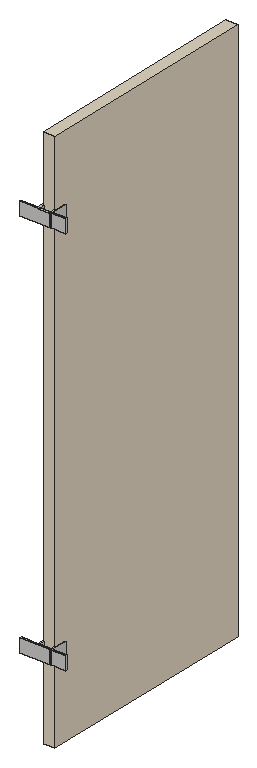
Revit family
Parameters (values of type "As Specified in 10 21 13")
  Warranty Duration (Years) = 0
  URL = "http://www.specritedesigns.com/"
  UL Fire Rating = "[Class A][Class B]"
  Type Comments = "Urinal Screen"
  Stall Width = 2' - 0"
  Stall Depth [instance] = 1' - 6"
  Panel Thickness = 0' - 0 7/8"
  Panel Height [instance] = 3' - 6"
  Manufacturer Phone - Toll Free = "877-249-6864"
  Installation-Fabrication = "http://www.specritedesigns.com/partition_systems.aspx"
  Green Building-LEED = "http://www.arcat.com/green/clients/leed_data_43944.html"
  End Panel_Right Side [instance] = yes
  Specification = "http://www.arcat.com/sdspecs/htm/10150you.htm"
  Send Message = "http://www.arcat.com/users.pl?action=UserEmail&company=Spec-Rite%20Designs%20LLC&coid=43944&rep=146&fax=314-771-4597&mf="
  Sales Information = "http://www.specritedesigns.com/local_rep.aspx"
  Revision = "R1_04/2010"
  Reveal Clearance = 0' - 0 1/2"
  Product Properties = "http://www.arcat.com/bim/bim_info.pl?fn=Toilet-Partition_Spec-Rite_"
  Product Data = "http://www.arcat.com/arcatcos/cos43/arc43944.html"
  Panel Material [instance] = Phenolic Core - Color as Specified
  Model = "As Specified in 10 21 00"
  Manufacturer Website = "http://www.specritedesigns.com/"
  Manufacturer Phone = ""
  Manufacturer Fax = "314-771-4597"
  Manufacturer Address = "1054 Central Industrial Dr.; St. Louis; MO 63110"
  Manufacturer = "Spec-Rite Designs LLC"
  Maintenance Schedule (Months) = 0
  Keynote = "10 21 13"
  Installation Phase = ""
  End Panel_Left Side [instance] = no
  Hardware Finish [instance] = Stainless Steel - Type 304 #4 Brushed Finish
  Expected Lifespan (Years) = 0
  Drawn By = "Robert S. Weygant, CSI, CDT, SCIP"
  Distance from Floor to Panel [instance] = 1' - 0"
  Core Material = "[Black][Natural]"
  Copyright = "2010, ARCAT, Inc."
  Description = "As Specified in 10 21 13"
  Construction Details = "http://www.specritedesigns.com/LinkClick.aspx?fileticket=c2fn%2bPpDPB4%3d&tabid=106"
  Brackets_Vertical = 2
  Assembly Code = "C1010400"
Reference planes (in)
  plane 1: y = 26.56271
  plane 2: x = 14.69467
  plane 3 "Back": y = 29.06271
  plane 4 "Right": x = 13.81967
  plane 5 "Bottom of panel": z = 12
  plane 6 "Top of panel": z = 54
  plane 7 "Bottom Bracket": z = 18
  plane 8 "Top Bracket": z = 48
  plane 9 "Top Hinge": z = 50.75
  plane 10: y = 47.06271
  plane 11: y = 29.56271
  plane 12: z = 0
  plane 13: x = 14.25717
Forms (in)
  Extrusion 1, solid, material "Phenolic Core - Color as Specified" <- "Panel Material", visible <- "End Panel_Right Side"
    sketch origin (0, 0, 0) x (1, 0, 0) y (0, 1, 0)
      loop
        line (13.81967, 29.56271) -> (14.69467, 29.56271) -> (14.69467, 47.06271) -> (13.81967, 47.06271) -> (13.81967, 29.56271)
    from 12 to 54
Lines and regions (in)
  symbolic lines
    curve 1: line (14.69467, 29.06271, 0) -> (13.81967, 29.06271, 0)
Text (in)
  text "Placement Side" at (0, 40.15149, 123.01588), in view "Right"
  text "Placement Side" at (-71.13158, 43.3951, 0), in view "Floor Line"
  text "Placement Side" at (0, 65.23256, 117.93067), in view "Left"
Dimensions and locks (in)
  "Panel Height": plane 5 "Bottom of panel" to plane 6 "Top of panel"
  "Distance from Floor to Panel": host wall to plane 5 "Bottom of panel"
  "Panel Thickness": plane 4 "Right" to plane 2
  locked: plane 8 "Top Bracket" to plane 9 "Top Hinge" at 2.75
  locked: plane 8 "Top Bracket" to plane 6 "Top of panel" at 6
  locked: plane 5 "Bottom of panel" to plane 7 "Bottom Bracket" at 6
  "Reveal Clearance": plane 11 to plane 3 "Back"
  group 1 to group 2 = 0' - 0"  (x2)
  group 1 to group 2 = 2' - 6"
  "Stall Depth": plane 10 to plane 3 "Back"
  equal spacing: plane 4 "Right", plane 13, plane 2
  aligned and locked: Extrusion 1 to plane 6 "Top of panel"
  aligned and locked: plane 5 "Bottom of panel" to Extrusion 1
  aligned and locked: plane 10 to Extrusion 1 sketch curve
  aligned and locked: Extrusion 1 sketch curve to plane 11
  aligned and locked: nested 1 to plane 2  (x3)
  aligned and locked: plane 3 "Back" to nested 1
  aligned and locked: plane 7 "Bottom Bracket" to nested 1
  aligned and locked: nested 1 to plane 3 "Back"  (x4)
  aligned and locked: plane 4 "Right" to nested 1  (x2)
  aligned and locked: plane 8 "Top Bracket" to nested 2
  aligned and locked: nested 2 to plane 2
  aligned and locked: plane 12 to level
  aligned and locked: host wall to plane 3 "Back"
  aligned and locked: plane 3 "Back" to nested 2
Automatic sketch dimensions
  curve 1 to host wall = 0' - 0"
  curve 1 to plane 4 "Right" = 0' - 0"
  curve 1 to plane 2 = 0' - 0"
  Extrusion 1 sketch curve to plane 4 "Right" = 0' - 0"
  Extrusion 1 sketch curve to plane 2 = 0' - 0"
Nested families (in)
  nested 1: "Mounting Bracket" at (14.69467, 29.06271, 18) x (-1, 0, 0) z (0, 0, 1), visible <- "End Panel_Right Side", type "Common Mount"
  nested 2: "Mounting Bracket" at (14.69467, 29.06271, 48) x (-1, 0, 0) z (0, 0, 1), visible <- "End Panel_Right Side", type "Common Mount"
Definition of nested family "Mounting Bracket"
  Parameters (values of type "Common Mount")
    panel thickness = 0' - 0 1/2"
    hdwr matl = none
    Surfmnt = yes
    Hdwr Height = 0' - 1"
    Assembly Code = ""
  Types (2): name | panel thickness | Surfmnt
    Common Mount | 0' - 0 1/2" | yes
    End Mount | 0' - 1" | no
  Reference planes (in)
    plane 1 "Center (Front/Back)": y = 0
    plane 2 "bottom": z = 0
    plane 3 "Center (Left/Right)": x = 0
    plane 4: y = -1.37133
    plane 5 "top": z = 1
    plane 6: y = -0.12324
  Forms (in)
    Extrusion 1, solid, material <- "hdwr matl"
      sketch origin (0, 0, 0) x (1, 0, 0) y (0, 1, 0)
        loop
          line (0, -1.37133) -> (0, -0.125) -> (0.5, -0.125) -> (0.5, -1.37133) -> (0.625, -1.37133) -> (0.625, -0.12324) -> (2.25, -0.12324) -> (2.25, 0) -> (-0.125, 0) -> (-0.125, -1.37133) -> (0, -1.37133)
      from 0 to 1
    Extrusion 2, solid, material <- "hdwr matl", visible <- "Surfmnt"
      sketch origin (0, 0, 0) x (1, 0, 0) y (0, 1, 0)
        loop
          line (0, 0) -> (-1.25, 0) -> (-1.25, -0.125) -> (0, -0.125) -> (0, 0)
      from 0 to 1
  Dimensions and locks (in)
    "panel thickness": Extrusion 1 sketch curve to Extrusion 1 sketch curve
    locked: Extrusion 1 sketch curve to Extrusion 1 sketch curve at 0.125  (x2)
    locked: plane 4 to plane 1 "Center (Front/Back)" at 1.37133
    locked: Extrusion 1 sketch curve to Extrusion 1 sketch curve at 2.375
    locked: Extrusion 2 sketch curve to Extrusion 2 sketch curve at 0.125
    locked: Extrusion 2 sketch curve to Extrusion 2 sketch curve at 1.25
    "Hdwr Height": plane 5 "top" to plane 2 "bottom"
    locked: plane 6 to plane 1 "Center (Front/Back)" at 0.12324
    "panel thickness": Extrusion 1 to Extrusion 1
    aligned and locked: plane 3 "Center (Left/Right)" to Extrusion 1 sketch curve
    aligned and locked: Extrusion 1 sketch curve to plane 1 "Center (Front/Back)"
    aligned and locked: Extrusion 1 sketch curve to plane 4  (x2)
    aligned and locked: Extrusion 2 sketch curve to plane 1 "Center (Front/Back)"
    aligned and locked: plane 3 "Center (Left/Right)" to Extrusion 2 sketch curve
    aligned and locked: plane 5 "top" to Extrusion 1
    aligned and locked: plane 5 "top" to Extrusion 2
    aligned and locked: Extrusion 1 to plane 2 "bottom"
    aligned and locked: Extrusion 2 to plane 2 "bottom"
  Automatic sketch dimensions
    plane 1 "Center (Front/Back)" to Extrusion 1 sketch curve = 0' - 0.12324"
    plane 1 "Center (Front/Back)" to Extrusion 1 sketch curve = 0' - 0 1/8"
